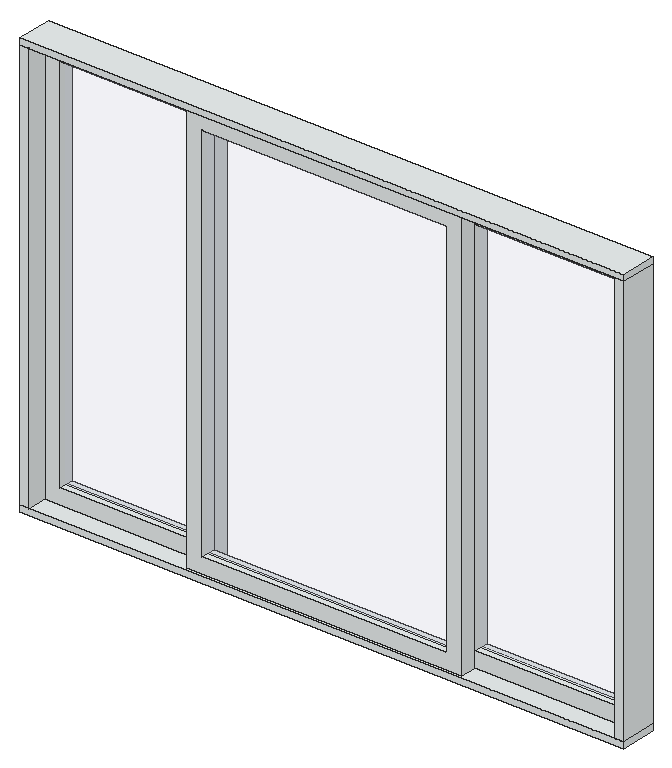
Revit family
Parameters (values of type "D/T6040")
  문 스윙폭 = 600 mm
  유형 3 창 유리 = 유형 유리
  유형 3 창 프레임 = 유형 - 문 틀
  Height = 1420 mm
  기본 씰 높이 = 800 mm
  Wall Closure = (empty or 0)
  Width = 2020 mm
  Assembly Code = ""
Reference planes
  plane 1: y = 0
  plane 2 "중심(왼쪽/오른쪽)": x = 0
  plane 3 "왼쪽": x = -1010
  plane 4 "오른쪽": x = 1010
  plane 5 "씰": z = 800
  plane 6 "헤드": z = 2220
  plane 7 "외부": y = 100
  plane 8 "내부": y = -100
  plane 9: x = -980
  plane 10: x = -460
  plane 11: y = 60
  plane 12: y = -60
  plane 13: x = 980
  plane 14: x = 460
  plane 15: z = 1800
  plane 16: z = 600
  plane 17: x = -410
  plane 18: x = 410
  plane 19: x = -930
  plane 20: x = 930
Forms (mm)
  Extrusion 1, solid, material "유형 - 문 틀"
    sketch origin (0, 0, 0) x (1, 0, 0) y (0, 1, 0)
      loop
        line (-1010, 60) -> (-1010, -60) -> (1010, -60) -> (1010, 60) -> (-1010, 60)
    from 800 to 820
  Extrusion 2, solid, material "유형 - 문 틀"
    sketch origin (0, 0, 0) x (1, 0, 0) y (0, 1, 0)
      loop
        line (-1010, 60) -> (-1010, -60) -> (1010, -60) -> (1010, 60) -> (-1010, 60)
    from 2200 to 2220
  Extrusion 3, solid, material "유형 - 문 틀"
    sketch origin (0, 0, 0) x (1, 0, 0) y (0, 1, 0)
      loop
        line (-1010, 60) -> (-1010, -60) -> (-980, -60) -> (-980, 60) -> (-1010, 60)
    from 820 to 2200
  Extrusion 4, solid, material "유형 유리"
    sketch origin (0, -5, 0) x (1, 0, 0) y (0, 1, 0)
      loop
        line (-930, 40) -> (-930, 30) -> (-460, 30) -> (-460, 40) -> (-930, 40)
    from 870 to 2150
  Extrusion 5, solid, material "유형 유리"
    sketch origin (0, -60, 0) x (1, 0, 0) y (0, 1, 0)
      loop
        line (-410, 40) -> (-410, 30) -> (410, 30) -> (410, 40) -> (-410, 40)
    from 870 to 2150
  Extrusion 6, solid, material "유형 유리"
    sketch origin (0, -5, 0) x (-1, 0, 0) y (0, -1, 0)
      loop
        line (-930, -40) -> (-460, -40) -> (-460, -30) -> (-930, -30) -> (-930, -40)
    from 870 to 2150
  Extrusion 7, solid, material "유형 - 문 틀"
    sketch origin (0, 0, 0) x (-1, 0, 0) y (0, -1, 0)
      loop
        line (-1010, -60) -> (-980, -60) -> (-980, 60) -> (-1010, 60) -> (-1010, -60)
    from 820 to 2200
  Sweep 8, solid, material "유형 - 문 틀" <- "유형 3 창 프레임"
    path origin (-5000, 0, 0) x (-1, 0, 0) y (0, 0, 1)
      loop
        line (-5460, 2200) -> (-5460, 820) -> (-4540, 820) -> (-4540, 2200) -> (-5460, 2200)
    profile origin (460, 0, 1510) x (1, 0, 0) y (0, 1, 0)
      loop
        line (0, 0) -> (-50, 0) -> (-50, -50) -> (0, -50) -> (0, 0)
  Sweep 9, solid, material "유형 - 문 틀" <- "유형 3 창 프레임"
    path origin (-1010, 60, 0) x (1, 0, 0) y (0, 0, -1)
      loop
        line (600, -2200) -> (600, -820) -> (30, -820) -> (30, -2200) -> (600, -2200)
    profile origin (-410, 60, 1510) x (1, 0, 0) y (0, 1, 0)
      loop
        line (0, -55) -> (0, -5) -> (-50, -5) -> (-50, -55) -> (0, -55)
  Sweep 10, solid, material "유형 - 문 틀"
    path origin (-1010, 60, 0) x (1, 0, 0) y (0, 0, -1)
      loop
        line (1990, -2200) -> (1990, -820) -> (1420, -820) -> (1420, -2200) -> (1990, -2200)
    profile origin (980, 60, 1510) x (1, 0, 0) y (0, 1, 0)
      loop
        line (0, -5) -> (-50, -5) -> (-50, -55) -> (0, -55) -> (0, -5)
Lines and regions (mm)
  Opening 1
    outline origin (3500, -100, 0) x (1, 0, 0) y (0, 0, 1)
      loop
        line (-2490, 800) -> (-2490, 2220) -> (-4510, 2220) -> (-4510, 800) -> (-2490, 800)
Text (mm)
  text "외부" at (-1963.203, 1332.353, 0), in view "참조 레벨"
  text "내부" at (-1981.466, -818.386, 0), in view "참조 레벨"
  text "외부" at (0, 923.751, 2943.296), in view "오른쪽"
  text "외부" at (0, 1040.484, 2685.409), in view "왼쪽"
Dimensions and locks
  equal spacing: plane 3 "왼쪽", plane 2 "중심(왼쪽/오른쪽)", plane 4 "오른쪽"
  "Width": plane 3 "왼쪽" to plane 4 "오른쪽"
  "Height": plane 5 "씰" to plane 6 "헤드"
  "기본 씰 높이": plane 5 "씰" to level
  locked: plane 7 "외부" to host wall at 0
  locked: plane 8 "내부" to host wall
  locked: plane 3 "왼쪽" to plane 9 at 30
  "문 스윙폭": plane 3 "왼쪽" to plane 17
  plane 11 to plane 1 to plane 12 = 60 mm, 60 mm
  locked: plane 13 to plane 4 "오른쪽" at 30
  "문 스윙폭": plane 4 "오른쪽" to plane 18
  locked: Extrusion 2 to Extrusion 2 at 20
  locked: Extrusion 1 to Extrusion 1 at 20
  locked: plane 10 to plane 17 at 50
  locked: plane 18 to plane 14 at 50
  locked: plane 9 to plane 19 at 50
  locked: plane 20 to plane 13 at 50
  locked: Sweep 9 sketch curve to Sweep 9 sketch curve at 50
  locked: Sweep 10 sketch curve to Sweep 10 sketch curve at 50
  locked: Sweep 9 to Extrusion 4 at 20
  locked: Sweep 8 to Extrusion 5 at 20
  locked: Sweep 10 to Extrusion 6 at 20
  aligned and locked: Extrusion 3 to Extrusion 2
  aligned and locked: Extrusion 7 to Extrusion 2
  aligned and locked: Extrusion 2 to plane 6 "헤드"
  aligned and locked: Extrusion 7 to Extrusion 1
  aligned and locked: plane 5 "씰" to Extrusion 1
  aligned and locked: plane 10 to Extrusion 4
  aligned and locked: plane 14 to Extrusion 6
  aligned and locked: plane 14 to Sweep 8 sketch curve
  aligned and locked: Extrusion 2 to Sweep 8 sketch curve
  aligned and locked: Sweep 8 sketch curve to Extrusion 1
  aligned and locked: plane 10 to Sweep 8 sketch curve
  aligned and locked: plane 17 to Sweep 9 sketch curve
  aligned and locked: Extrusion 2 to Sweep 9 sketch curve
  aligned and locked: Extrusion 3 to Sweep 9 sketch curve
  aligned and locked: Sweep 9 sketch curve to Extrusion 3
  aligned and locked: plane 10 to Sweep 9 sketch curve
  aligned and locked: Sweep 9 sketch curve to plane 17
  aligned and locked: Extrusion 7 to Sweep 10 sketch curve  (x2)
  aligned and locked: Sweep 10 sketch curve to Extrusion 1
  aligned and locked: plane 18 to Sweep 10 sketch curve
  aligned and locked: Sweep 10 sketch curve to plane 20
  aligned and locked: Sweep 10 sketch curve to plane 13
  aligned and locked: Sweep 8 to Extrusion 6
  aligned and locked: Extrusion 5 to Extrusion 6
  aligned and locked: Extrusion 4 to Extrusion 5
  aligned and locked: Extrusion 6 to Sweep 8
  aligned and locked: Extrusion 6 to Extrusion 5
  aligned and locked: Extrusion 3 to Extrusion 1
  aligned and locked: Extrusion 5 to Extrusion 4
  aligned and locked: Extrusion 4 to Sweep 9
  aligned and locked: plane 6 "헤드" to Opening 1 sketch curve
  aligned and locked: plane 4 "오른쪽" to Opening 1 sketch curve
  aligned and locked: Opening 1 sketch curve to Extrusion 1
  aligned and locked: plane 3 "왼쪽" to Opening 1 sketch curve
Automatic sketch dimensions
  Extrusion 1 sketch curve to plane 3 "왼쪽" = 0 mm
  Extrusion 1 sketch curve to plane 4 "오른쪽" = 0 mm
  Extrusion 1 sketch curve to plane 12 = 0 mm
  Extrusion 1 sketch curve to plane 11 = 0 mm
  Extrusion 2 sketch curve to plane 3 "왼쪽" = 0 mm
  Extrusion 2 sketch curve to plane 4 "오른쪽" = 0 mm
  Extrusion 2 sketch curve to plane 12 = 0 mm
  Extrusion 2 sketch curve to plane 11 = 0 mm
  plane 10 to Extrusion 5 sketch curve = 50 mm
  Extrusion 7 sketch curve to plane 4 "오른쪽" = 0 mm
  Extrusion 7 sketch curve to plane 13 = 0 mm
  Extrusion 7 sketch curve to plane 12 = 0 mm
  Extrusion 7 sketch curve to plane 11 = 0 mm
  Extrusion 4 sketch curve to plane 10 = 0 mm
  plane 14 to Extrusion 6 sketch curve = 0 mm
  Extrusion 3 sketch curve to plane 3 "왼쪽" = 0 mm
  Extrusion 3 sketch curve to plane 9 = 0 mm
  Extrusion 3 sketch curve to plane 12 = 0 mm
  Extrusion 3 sketch curve to plane 11 = 0 mm
  Extrusion 4 sketch curve to Extrusion 4 sketch curve = 10 mm
  Extrusion 6 sketch curve to Extrusion 6 sketch curve = 10 mm
  Extrusion 4 sketch curve to host wall = 25 mm
  host wall to Extrusion 5 sketch curve = 30 mm
  Extrusion 5 sketch curve to Extrusion 5 sketch curve = 10 mm
  host wall to Extrusion 6 sketch curve = 25 mm
  profile plane to Sweep 8 sketch curve = 0 mm
  Sweep 8 sketch curve to profile plane = 0 mm
  profile plane to Sweep 8 sketch curve = 50 mm
  Sweep 8 sketch curve to profile plane = 50 mm
  plane 9 to Extrusion 4 sketch curve = 50 mm
  Extrusion 5 sketch curve to plane 18 = 0 mm
  Extrusion 6 sketch curve to plane 13 = 50 mm
  Sweep 9 sketch curve to profile plane = 5 mm
  Sweep 10 sketch curve to profile plane = 5 mm
